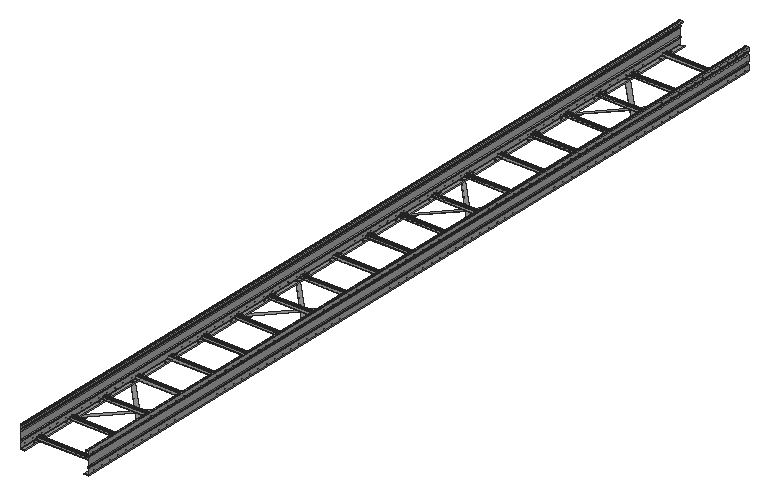
Revit family "Weitspannkabelleiter-WKLG 1650gelochter Seitenholm, FS,FT,FT SO,A4", category Generic Models, Revit 2017 (continued)
Dimensions and locks
  locked: cut or joined group 1 (Extrusion 1, Extrusion 2, Extrusion 3, Extrusion 4, Extrusion 5, Extrusion 6, Extrusion 7, Extrusion 8, Extrusion 9, Extrusion 10, Extrusion 11, Extrusion 12, Extrusion 13, Extrusion 14, Extrusion 15, Extrusion 16, Extrusion 17, Extrusion 18, Extrusion 19, Extrusion 20, Extrusion 21, Extrusion 22, Extrusion 23, Extrusion 24, Extrusion 25, Extrusion 26, Extrusion 27, Extrusion 28, Extrusion 29, Extrusion 30, Extrusion 31, Extrusion 32, Extrusion 33, Extrusion 34, Extrusion 35, Extrusion 36, Extrusion 37, Extrusion 38, Extrusion 39, Extrusion 40, Extrusion 41, Extrusion 42, Extrusion 43, Extrusion 44, Extrusion 45, Extrusion 46, Extrusion 47, Extrusion 48, Extrusion 49, Extrusion 50, Extrusion 51, Extrusion 52, Extrusion 53, Extrusion 54, Extrusion 55, Extrusion 56, Extrusion 57, Extrusion 58, Extrusion 59, Extrusion 60, Extrusion 61, Extrusion 62, Extrusion 63, Extrusion 64, Extrusion 65, Extrusion 66, Extrusion 67, Extrusion 68, Extrusion 69, Extrusion 70, Extrusion 71, Extrusion 72, Extrusion 73, Extrusion 74, Extrusion 75, Extrusion 76, Extrusion 77, Extrusion 78, Extrusion 79, Extrusion 80, Extrusion 81, Extrusion 82, Extrusion 83, Extrusion 84, Extrusion 85, Extrusion 86, Extrusion 87, Extrusion 88, Extrusion 89, Extrusion 90, Extrusion 91, Extrusion 92, Extrusion 93, Extrusion 94, Extrusion 95, Extrusion 96, Extrusion 97, Extrusion 98, Extrusion 99, Extrusion 100, Extrusion 101, Extrusion 102, Extrusion 103, Extrusion 104, Extrusion 105, Extrusion 106, Extrusion 107, Extrusion 108, Extrusion 109, Extrusion 110, Extrusion 111, Extrusion 112, Extrusion 113, Extrusion 114, Extrusion 115, Extrusion 116, Extrusion 117, Extrusion 118, Extrusion 119, Extrusion 120, Extrusion 121, Extrusion 122, Extrusion 123, Extrusion 124, Extrusion 125, Extrusion 126, Extrusion 127, Extrusion 128, Extrusion 129, Extrusion 130, Extrusion 131, Extrusion 132, Extrusion 133, Extrusion 134, Extrusion 135, Extrusion 136, Extrusion 137, Extrusion 138, Extrusion 139, Extrusion 140, Extrusion 141, Extrusion 142, Extrusion 143, Extrusion 144, Extrusion 145, Extrusion 146, Extrusion 147, Extrusion 148, Extrusion 149, Extrusion 150, Extrusion 151, Extrusion 152, Extrusion 153, Extrusion 154, Extrusion 155, Extrusion 156, Extrusion 157, Extrusion 158, Extrusion 159, Extrusion 160, Extrusion 161, Extrusion 162, Extrusion 163, Extrusion 164, Extrusion 165, Extrusion 166, Extrusion 167, Extrusion 168, Extrusion 169, Extrusion 170, Extrusion 171, Extrusion 172, Extrusion 173, Extrusion 174, Extrusion 175, Extrusion 176, Extrusion 177, Extrusion 178, Extrusion 179, Extrusion 180, Extrusion 181, Extrusion 182, Extrusion 183, Extrusion 184, Extrusion 185, Extrusion 186, Extrusion 187, Extrusion 188, Extrusion 189, Extrusion 190, Extrusion 191, Extrusion 192, Extrusion 193, Extrusion 194, Extrusion 195, Extrusion 196, Extrusion 197, Extrusion 198, Extrusion 199, Extrusion 200, Extrusion 201, Extrusion 202, Extrusion 203, Extrusion 204, Extrusion 205, Extrusion 206, Extrusion 207, Extrusion 208, Extrusion 209, Extrusion 210, Extrusion 211, Extrusion 212, Extrusion 213, Extrusion 214, Extrusion 215, Extrusion 216, Extrusion 217, Extrusion 218, Extrusion 219, Extrusion 220, Extrusion 221, Extrusion 222, Extrusion 223, Extrusion 224, Extrusion 225, Extrusion 226, Extrusion 227, Extrusion 228, Extrusion 229, Extrusion 230, Extrusion 231, Extrusion 232, Extrusion 233, Extrusion 234, Extrusion 235, Extrusion 236, Extrusion 237, Extrusion 238, Extrusion 239, Extrusion 240, Extrusion 241, Extrusion 242, Extrusion 243, Extrusion 244, Extrusion 245, Extrusion 246, Extrusion 247, Extrusion 248, Extrusion 249, Extrusion 250, Extrusion 251, Extrusion 252, Extrusion 253, Extrusion 254, Extrusion 255, Extrusion 256, Extrusion 257, Extrusion 258, Extrusion 259, Extrusion 260, Extrusion 261, Extrusion 262, Extrusion 263, Extrusion 264, Extrusion 265, Extrusion 266, Extrusion 267, Extrusion 268, Extrusion 269, Extrusion 270, Extrusion 271, Extrusion 272, Extrusion 273, Extrusion 274, Extrusion 275, Extrusion 276, Extrusion 277, Extrusion 278, Extrusion 279, Extrusion 280, Extrusion 281, Extrusion 282, Extrusion 283, Extrusion 284, Extrusion 285, Extrusion 286, Extrusion 287, Extrusion 288, Extrusion 289, Extrusion 290, Extrusion 291, Extrusion 292, Extrusion 293, Extrusion 294, Extrusion 295, Extrusion 296, Extrusion 297, Extrusion 298, Extrusion 299, Extrusion 300, Extrusion 301, Extrusion 302, Extrusion 303, Extrusion 304, Extrusion 305, Extrusion 306, Extrusion 307, Extrusion 308, Extrusion 309, Extrusion 310, Extrusion 311, Extrusion 312, Extrusion 313, Extrusion 314, Extrusion 315, Extrusion 316, Extrusion 317, Extrusion 318, Extrusion 319, Extrusion 320, Extrusion 321, Extrusion 323, Extrusion 324, Extrusion 325, Extrusion 326, Extrusion 327, Extrusion 328, Extrusion 329, Extrusion 330, Extrusion 331, Extrusion 332, Extrusion 333, Extrusion 334, Extrusion 335, Extrusion 336, Extrusion 337, Extrusion 338, Extrusion 339, Extrusion 340, Extrusion 341, Extrusion 342, Extrusion 343, Extrusion 344, Extrusion 345, Extrusion 346, Extrusion 347, Extrusion 348, Extrusion 349, Extrusion 350, Extrusion 351, Extrusion 352, Extrusion 353, Extrusion 354, Extrusion 355, Extrusion 356, Extrusion 357, Extrusion 358, Extrusion 359, Extrusion 360, Extrusion 361, Extrusion 362, Extrusion 363, Extrusion 364, Extrusion 365, Extrusion 366, Extrusion 367, Extrusion 368, Extrusion 369, Extrusion 370, Extrusion 371, Extrusion 372, Extrusion 373, Extrusion 374, Extrusion 375, Extrusion 376, Extrusion 377, Extrusion 378, Extrusion 379, Extrusion 380, Extrusion 381, Extrusion 382, Extrusion 383, Extrusion 384, Extrusion 385, Extrusion 386, Extrusion 387, Extrusion 388, Extrusion 389, Extrusion 390, Extrusion 391, Extrusion 392, Extrusion 393, Extrusion 394, Extrusion 395, Extrusion 396, Extrusion 397, Extrusion 398, Extrusion 399, Extrusion 400, Extrusion 401, Extrusion 402, Extrusion 403, Extrusion 406, Extrusion 408, Extrusion 410, Extrusion 412, Extrusion 414, Extrusion 416, Extrusion 418, Extrusion 420, Extrusion 422, Extrusion 424, Extrusion 426, Extrusion 428, Extrusion 430, Extrusion 432, Extrusion 434, Extrusion 436, Extrusion 438, Extrusion 440, Extrusion 442) to plane 230 at 18
  equal spacing: group 360, group 361, group 362, group 363, group 364, group 365, group 366, group 367, group 368, group 369, group 370, group 371, group 372, group 373, group 374, group 375, group 376, group 377, group 378, group 379  (x3)
  locked: plane 251 to plane 179 at 50
  locked: plane 252 to plane 182 at 18
  equal spacing: group 380, group 381, group 382, group 383, group 384, group 385, group 386, group 387, group 388, group 389, group 390, group 391, group 392, group 393, group 394, group 395, group 396, group 397, group 398, group 399  (x3)
  locked: cut or joined group 1 to plane 273 at 12.5
  locked: plane 276 to plane 275 at 30
  locked: plane 279 to Extrusion 403 sketch curve at 30.75
  locked: plane 277 to Extrusion 403 sketch curve at 29.366
  locked: Extrusion 404 sketch curve to Extrusion 404 sketch curve at 1.5  (x3)
  locked: Extrusion 405 sketch curve to Extrusion 405 sketch curve at 1.5  (x3)
  locked: Extrusion 405 to Extrusion 405 at 1.5  (x6)
  locked: plane 283 to plane 282 at 30
  locked: plane 286 to Extrusion 406 sketch curve at 30.75
  locked: plane 284 to Extrusion 406 sketch curve at 29.366
  equal spacing: group 400, group 403, group 405, group 407, group 409, group 411, group 413, group 415, group 417, group 419, group 421, group 423, group 425, group 427, group 429, group 431, group 433, group 435, group 437, group 439  (x3)
  locked: Extrusion 407 sketch curve to Extrusion 407 sketch curve at 1.5  (x3)
  locked: Extrusion 407 to Extrusion 407 at 1.5  (x6)
  locked: plane 290 to plane 289 at 30
  locked: plane 293 to Extrusion 408 sketch curve at 30.75
  locked: plane 291 to Extrusion 408 sketch curve at 29.366
  locked: Extrusion 409 sketch curve to Extrusion 409 sketch curve at 1.5  (x3)
  locked: Extrusion 409 to Extrusion 409 at 1.5  (x6)
  locked: plane 297 to plane 296 at 30
  locked: plane 300 to Extrusion 410 sketch curve at 30.75
  locked: plane 298 to Extrusion 410 sketch curve at 29.366
  locked: Extrusion 411 sketch curve to Extrusion 411 sketch curve at 1.5  (x3)
  locked: Extrusion 411 to Extrusion 411 at 1.5  (x6)
  locked: plane 304 to plane 303 at 30
  locked: plane 307 to Extrusion 412 sketch curve at 30.75
  locked: plane 305 to Extrusion 412 sketch curve at 29.366
  locked: Extrusion 413 sketch curve to Extrusion 413 sketch curve at 1.5  (x3)
  locked: Extrusion 413 to Extrusion 413 at 1.5  (x6)
  locked: plane 311 to plane 310 at 30
  locked: plane 314 to Extrusion 414 sketch curve at 30.75
  locked: plane 312 to Extrusion 414 sketch curve at 29.366
  locked: Extrusion 415 sketch curve to Extrusion 415 sketch curve at 1.5  (x3)
  locked: Extrusion 415 to Extrusion 415 at 1.5  (x6)
  locked: plane 318 to plane 317 at 30
  locked: plane 321 to Extrusion 416 sketch curve at 30.75
  locked: plane 319 to Extrusion 416 sketch curve at 29.366
  locked: Extrusion 417 sketch curve to Extrusion 417 sketch curve at 1.5  (x3)
  locked: Extrusion 417 to Extrusion 417 at 1.5  (x6)
  locked: plane 325 to plane 324 at 30
  locked: plane 328 to Extrusion 418 sketch curve at 30.75
  locked: plane 326 to Extrusion 418 sketch curve at 29.366
  locked: Extrusion 419 sketch curve to Extrusion 419 sketch curve at 1.5  (x3)
  locked: Extrusion 419 to Extrusion 419 at 1.5  (x6)
  locked: plane 332 to plane 331 at 30
  locked: plane 335 to Extrusion 420 sketch curve at 30.75
  locked: plane 333 to Extrusion 420 sketch curve at 29.366
  locked: Extrusion 421 sketch curve to Extrusion 421 sketch curve at 1.5  (x3)
  locked: Extrusion 421 to Extrusion 421 at 1.5  (x6)
  locked: plane 339 to plane 338 at 30
  locked: plane 342 to Extrusion 422 sketch curve at 30.75
  locked: plane 340 to Extrusion 422 sketch curve at 29.366
  locked: Extrusion 423 sketch curve to Extrusion 423 sketch curve at 1.5  (x3)
  locked: Extrusion 423 to Extrusion 423 at 1.5  (x6)
  locked: plane 346 to plane 345 at 30
  locked: plane 349 to Extrusion 424 sketch curve at 30.75
  locked: plane 347 to Extrusion 424 sketch curve at 29.366
  locked: Extrusion 425 sketch curve to Extrusion 425 sketch curve at 1.5  (x3)
  locked: Extrusion 425 to Extrusion 425 at 1.5  (x6)
  locked: plane 353 to plane 352 at 30
  locked: plane 356 to Extrusion 426 sketch curve at 30.75
  locked: plane 354 to Extrusion 426 sketch curve at 29.366
  locked: Extrusion 427 sketch curve to Extrusion 427 sketch curve at 1.5  (x3)
  locked: Extrusion 427 to Extrusion 427 at 1.5  (x6)
  locked: plane 360 to plane 359 at 30
  locked: plane 363 to Extrusion 428 sketch curve at 30.75
  locked: plane 361 to Extrusion 428 sketch curve at 29.366
  locked: Extrusion 429 sketch curve to Extrusion 429 sketch curve at 1.5  (x3)
  locked: Extrusion 429 to Extrusion 429 at 1.5  (x6)
  locked: plane 367 to plane 366 at 30
  locked: plane 370 to Extrusion 430 sketch curve at 30.75
  locked: plane 368 to Extrusion 430 sketch curve at 29.366
  locked: Extrusion 431 sketch curve to Extrusion 431 sketch curve at 1.5  (x3)
  locked: Extrusion 431 to Extrusion 431 at 1.5  (x6)
  locked: plane 374 to plane 373 at 30
  locked: plane 377 to Extrusion 432 sketch curve at 30.75
  locked: plane 375 to Extrusion 432 sketch curve at 29.366
  locked: Extrusion 433 sketch curve to Extrusion 433 sketch curve at 1.5  (x3)
  locked: Extrusion 433 to Extrusion 433 at 1.5  (x6)
  locked: plane 381 to plane 380 at 30
  locked: plane 384 to Extrusion 434 sketch curve at 30.75
  locked: plane 382 to Extrusion 434 sketch curve at 29.366
  locked: Extrusion 435 sketch curve to Extrusion 435 sketch curve at 1.5  (x3)
  locked: Extrusion 435 to Extrusion 435 at 1.5  (x6)
  locked: plane 388 to plane 387 at 30
  locked: plane 391 to Extrusion 436 sketch curve at 30.75
  locked: plane 389 to Extrusion 436 sketch curve at 29.366
  locked: Extrusion 437 sketch curve to Extrusion 437 sketch curve at 1.5  (x3)
  locked: Extrusion 437 to Extrusion 437 at 1.5  (x6)
  locked: plane 395 to plane 394 at 30
  locked: plane 398 to Extrusion 438 sketch curve at 30.75
  locked: plane 396 to Extrusion 438 sketch curve at 29.366
  locked: Extrusion 439 sketch curve to Extrusion 439 sketch curve at 1.5  (x3)
  locked: Extrusion 439 to Extrusion 439 at 1.5  (x6)
  locked: plane 402 to plane 401 at 30
  locked: plane 405 to Extrusion 440 sketch curve at 30.75
  locked: plane 403 to Extrusion 440 sketch curve at 29.366
  locked: Extrusion 441 sketch curve to Extrusion 441 sketch curve at 1.5  (x3)
  locked: Extrusion 441 to Extrusion 441 at 1.5  (x6)
  locked: plane 409 to plane 408 at 30
  locked: plane 412 to Extrusion 442 sketch curve at 30.75
  locked: plane 410 to Extrusion 442 sketch curve at 29.366
  locked: Extrusion 443 sketch curve to Extrusion 443 sketch curve at 25
  level to Extrusion 443 = 4 mm
  locked: Extrusion 444 to Extrusion 444 at 25
  plane 182 to plane 182 = 0 mm
  "Height 1": Extrusion 444 to Extrusion 444
  "Height 1": Extrusion 443 to Extrusion 443
  locked: Extrusion 445 sketch curve to Extrusion 445 sketch curve at 25
  locked: Extrusion 446 to Extrusion 446 at 25
  "Height 1": Extrusion 446 to Extrusion 446
  "Height 1": Extrusion 445 to Extrusion 445
  equal spacing: group 440, group 441, group 442, group 443  (x3)
  locked: Extrusion 447 sketch curve to Extrusion 447 sketch curve at 25
  locked: Extrusion 448 to Extrusion 448 at 25
  "Height 1": Extrusion 448 to Extrusion 448
  "Height 1": Extrusion 447 to Extrusion 447
  locked: Extrusion 449 sketch curve to Extrusion 449 sketch curve at 25
  locked: Extrusion 450 to Extrusion 450 at 25
  "Height 1": Extrusion 450 to Extrusion 450
  "Height 1": Extrusion 449 to Extrusion 449
  aligned and locked: level to plane 2
  aligned and locked: plane 1 "Center (Front/Back)" to Extrusion 1
  aligned and locked: cut or joined group 1 to cut or joined group of Extrusion 1, Extrusion 2, Extrusion 3, Extrusion 4, Extrusion 5, Extrusion 6, Extrusion 7, Extrusion 8, Extrusion 9, Extrusion 10, Extrusion 11, Extrusion 12, Extrusion 13, Extrusion 14, Extrusion 15, Extrusion 16, Extrusion 17, Extrusion 18, Extrusion 19, Extrusion 20, Extrusion 21, Extrusion 22, Extrusion 23, Extrusion 24, Extrusion 25, Extrusion 26, Extrusion 27, Extrusion 28, Extrusion 29, Extrusion 30, Extrusion 31, Extrusion 32, Extrusion 33, Extrusion 34, Extrusion 35, Extrusion 36, Extrusion 37, Extrusion 38, Extrusion 39, Extrusion 40, Extrusion 41, Extrusion 42, Extrusion 43, Extrusion 44, Extrusion 45, Extrusion 46, Extrusion 47, Extrusion 48, Extrusion 49, Extrusion 50, Extrusion 51, Extrusion 52, Extrusion 53, Extrusion 54, Extrusion 55, Extrusion 56, Extrusion 57, Extrusion 58, Extrusion 59, Extrusion 60, Extrusion 61, Extrusion 62, Extrusion 63, Extrusion 64, Extrusion 65, Extrusion 66, Extrusion 67, Extrusion 68, Extrusion 69, Extrusion 70, Extrusion 71, Extrusion 72, Extrusion 73, Extrusion 74, Extrusion 75, Extrusion 76, Extrusion 77, Extrusion 78, Extrusion 79, Extrusion 80, Extrusion 81, Extrusion 82, Extrusion 83, Extrusion 84, Extrusion 85, Extrusion 86, Extrusion 87, Extrusion 88, Extrusion 89, Extrusion 90, Extrusion 91, Extrusion 92, Extrusion 93, Extrusion 94, Extrusion 95, Extrusion 96, Extrusion 97, Extrusion 98, Extrusion 99, Extrusion 100, Extrusion 101, Extrusion 102, Extrusion 103, Extrusion 104, Extrusion 105, Extrusion 106, Extrusion 107, Extrusion 108, Extrusion 109, Extrusion 110, Extrusion 111, Extrusion 112, Extrusion 113, Extrusion 114, Extrusion 115, Extrusion 116, Extrusion 117, Extrusion 118, Extrusion 119, Extrusion 120, Extrusion 121, Extrusion 122, E
    xtrusion 123, Extrusion 124, Extrusion 125, Extrusion 126, Extrusion 127, Extrusion 128, Extrusion 129, Extrusion 130, Extrusion 131, Extrusion 132, Extrusion 133, Extrusion 134, Extrusion 135, Extrusion 136, Extrusion 137, Extrusion 138, Extrusion 139, Extrusion 140, Extrusion 141, Extrusion 142, Extrusion 143, Extrusion 144, Extrusion 145, Extrusion 146, Extrusion 147, Extrusion 148, Extrusion 149, Extrusion 150, Extrusion 151, Extrusion 152, Extrusion 153, Extrusion 154, Extrusion 155, Extrusion 156, Extrusion 157, Extrusion 158, Extrusion 159, Extrusion 160, Extrusion 161, Extrusion 162, Extrusion 163, Extrusion 164, Extrusion 165, Extrusion 166, Extrusion 167, Extrusion 168, Extrusion 169, Extrusion 170, Extrusion 171, Extrusion 172, Extrusion 173, Extrusion 174, Extrusion 175, Extrusion 176, Extrusion 177, Extrusion 178, Extrusion 179, Extrusion 180, Extrusion 181, Extrusion 182, Extrusion 183, Extrusion 184, Extrusion 185, Extrusion 186, Extrusion 187, Extrusion 188, Extrusion 189, Extrusion 190, Extrusion 191, Extrusion 192, Extrusion 193, Extrusion 194, Extrusion 195, Extrusion 196, Extrusion 197, Extrusion 198, Extrusion 199, Extrusion 200, Extrusion 201, Extrusion 202, Extrusion 203, Extrusion 204, Extrusion 205, Extrusion 206, Extrusion 207, Extrusion 208, Extrusion 209, Extrusion 210, Extrusion 211, Extrusion 212, Extrusion 213, Extrusion 214, Extrusion 215, Extrusion 216, Extrusion 217, Extrusion 218, Extrusion 219, Extrusion 220, Extrusion 221, Extrusion 222, Extrusion 223, Extrusion 224, Extrusion 225, Extrusion 226, Extrusion 227, Extrusion 228, Extrusion 229, Extrusion 230, Extrusion 231, Extrusion 232, Extrusion 233, Extrusion 234, Extrusion 235, Extrusion 236, Extrusion 237, Extrusion 238, Extrusion 239, Extrusion 240, Extrusion 241, Extrusion 242, Extrusion 243, Extrusion 244, Extrusion 245, Extrusion 246, Extrusion 247, Extrusion 248, Extrusion 249, Extrusion 250, Extrusion 251, Extrusion 252, Extrusion 253, Extrusion 254, Extrusion 255, Extrusion 256, Extrusion 257, Extrusion 258, Extrusion 259, Extrusion 260, Extrusion 261, Extrusion 262, Extrusion 263, Extrusion 264, Extrusion 265, Extrusion 266, Extrusion 267, Extrusion 268, Extrusion 269, Extrusion 270, Extrusion 271, Extrusion 272, Extrusion 273, Extrusion 274, Extrusion 275, Extrusion 276, Extrusion 277, Extrusion 278, Extrusion 279, Extrusion 280, Extrusion 281, Extrusion 282, Extrusion 283, Extrusion 284, Extrusion 285, Extrusion 286, Extrusion 287, Extrusion 288, Extrusion 289, Extrusion 290, Extrusion 291, Extrusion 292, Extrusion 293, Extrusion 294, Extrusion 295, Extrusion 296, Extrusion 297, Extrusion 298, Extrusion 299, Extrusion 300, Extrusion 301, Extrusion 302, Extrusion 303, Extrusion 304, Extrusion 305, Extrusion 306, Extrusion 307, Extrusion 308, Extrusion 309, Extrusion 310, Extrusion 311, Extrusion 312, Extrusion 313, Extrusion 314, Extrusion 315, Extrusion 316, Extrusion 317, Extrusion 318, Extrusion 319, Extrusion 320, Extrusion 321, Extrusion 323, Extrusion 324, Extrusion 325, Extrusion 326, Extrusion 327, Extrusion 328, Extrusion 329, Extrusion 330, Extrusion 331, Extrusion 332, Extrusion 333, Extrusion 334, Extrusion 335, Extrusion 336, Extrusion 337, Extrusion 338, Extrusion 339, Extrusion 340, Extrusion 341, Extrusion 342, Extrusion 343, Extrusion 344, Extrusion 345, Extrusion 346, Extrusion 347, Extrusion 348, Extrusion 349, Extrusion 350, Extrusion 351, Extrusion 352, Extrusion 353, Extrusion 354, Extrusion 355, Extrusion 356, Extrusion 357, Extrusion 358, Extrusion 359, Extrusion 360, Extrusion 361, Extrusion 362, Extrusion 363, Extrusion 364, Extrusion 365, Extrusion 366, Extrusion 367, Extrusion 368, Extrusion 369, Extrusion 370, Extrusion 371, Extrusion 372, Extrusion 373, Extrusion 374, Extrusion 375, Extrusion 376, Extrusion 377, Extrusion 378, Extrusion 379, Extrusion 380, Extrusion 381, Extrusion 382, Extrusion 383, Extrusion 384, Extrusion 385, Extrusion 386, Extrusion 387, Extrusion 388, Extrusion 389, Extrusion 390, Extrusion 391, Extrusion 392, Extrusion 393, Extrusion 394, Extrusion 395, Extrusion 396, Extrusion 397, Extrusion 398, Extrusion 399, Extrusion 400, Extrusion 401, Extrusion 402, Extrusion 403, Extrusion 406, Extrusion 408, Extrusion 410, Extrusion 412, Extrusion 414, Extrusion 416, Extrusion 418, Extrusion 420, Extrusion 422, Extrusion 424, Extrusion 426, Extrusion 428, Extrusion 430, Extrusion 432, Extrusion 434, Extrusion 436, Extrusion 438, Extrusion 440, Extrusion 442  (x6)
  aligned and locked: Extrusion 1 to Extrusion 2  (x2)
  aligned and locked: plane 15 to cut or joined group 1
  aligned and locked: plane 16 to cut or joined group 1
  aligned and locked: plane 17 to cut or joined group 1
  aligned and locked: plane 18 to cut or joined group 1
  aligned and locked: Extrusion 322 sketch curve to Extrusion 322 sketch curve
